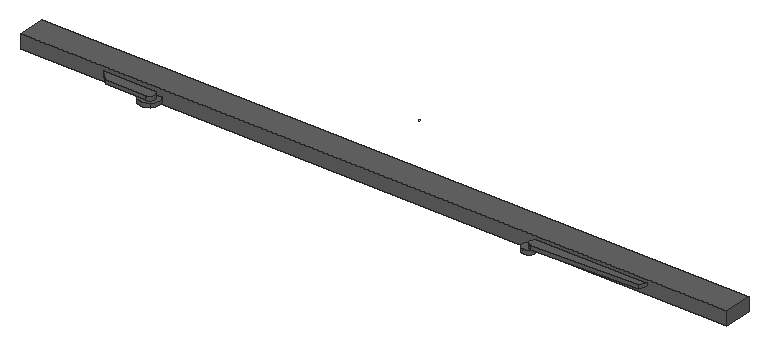
Revit family "DORMA SR392", category Specialty Equipment, Revit 2012
Parameters (values of type "SR392")
  URL = ""
  Model = "SR392"
  Manufacturer = "DORMA"
  Description = "DORMA SR392 door co-ordinator"
  BTS 80 width = 105.137 mm
  BTS 80 length = 358.068 mm
  BTS 75 width = 105.137 mm
  BTS 75 Length = 308.068 mm
Reference planes
  plane 1 "Center (Front/Back)": y = 0
  plane 2: z = 0
  plane 3 "Center (Left/Right)": x = 0
Forms (mm)
  Revolve 1, solid, not visible
    sketch origin (-7.512, -64.815, 51.25) x (1, 0, 0) y (0, 1, 0)
      loop
        arc (7.688, 110.462) -> (7.273, 110.047) -> (7.688, 109.633) r 0.415
        line (7.688, 109.633) -> (7.688, 110.462)
      axis (7.688, 110.462) -> (7.688, 109.462)
    angle from 0 to 360
  Extrusion 2, solid, material "Door Closer"
    sketch origin (0, 0, 0) x (1, 0, 0) y (0, 1, 0)
      loop
        line (-525, 0) -> (-525, -40) -> (525, -40) -> (525, 0) -> (-525, 0)
    from 0 to 20
  Extrusion 3, solid, material "Door Closer"
    sketch origin (-710.502, 227.528, 10) x (-0.689688, 0.724107, 0) y (-0.724107, -0.689688, 0)
      loop
        line (-430.334, -40) -> (-473.039, -82.704)
        arc (-473.039, -82.704) -> (-473.039, -93.311) -> (-462.432, -93.311) r 7.5
        line (-462.432, -93.311) -> (-409.121, -40) -> (-430.334, -40)
    from 0 to 5
  Extrusion 4, solid, material "Door Closer"
    sketch origin (724.363, 237.613, 10) x (0.681322, 0.731984, 0) y (-0.731984, 0.681322, 0)
      loop
        line (-429.965, 39.631) -> (-415.287, 46.166) -> (-529.607, 160.486)
        arc (-529.607, 160.486) -> (-540.214, 160.486) -> (-540.214, 149.879) r 7.5
        line (-540.214, 149.879) -> (-429.965, 39.631)
    from 0 to 5
  Extrusion 5, solid, material "Door Closer"
    sketch origin (-679.466, 194.943, 4.576) x (-0.689688, 0.724107, 0) y (-0.724107, -0.689688, 0)
      loop
        circle (-421.758, -87.668) r 15
    from 0 to 5
  Extrusion 6, solid, material "Door Closer"
    sketch origin (667.427, 52.137, 4.576) x (1, 0, 0) y (0, 1, 0)
      loop
        circle (-427.456, -102.858) r 10
    from 0 to 5
Dimensions and locks
  aligned and locked: plane 2 to level
